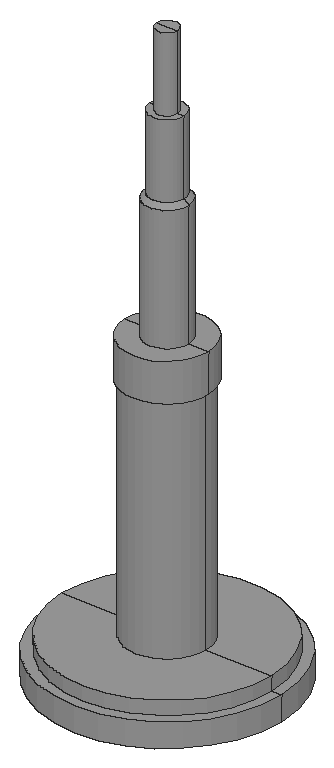
Revit family "Markier- und Spreizwerkzeug E-MSH 10x25", category Generic Models, Revit 2017
Family settings
  Can host rebar = No
  Round Connector Dimension = Use Diameter
  Part Type = Normal
  Work Plane-Based = No
  Always vertical = Yes
  Cut with Voids When Loaded = No
  Shared = No
  Room Calculation Point = No
Parameters (values of type "E-MSH 10x25")
  URL = "http://www.obo-bettermann.com"
  Material = Electrogalvanised
  Manufacturer Art.No. = "3492971"
  Manufacturer = "OBO BETTERMANN"
  GTIN = "4012196709748"
  Article Type = "E-MSH 10x25"
Reference planes
  plane 1 "Center (Front/Back)": y = 0
  plane 2: z = 0
  plane 3 "Center (Left/Right)": x = 0
Forms (mm)
  Revolve 1, solid, material "Electrogalvanised" <- "Material"
    sketch origin (0, 0, 0) x (1, 0, 0) y (0, 0, 1)
      loop
        line (0, 0) -> (7.974, 0) -> (7.974, 15) -> (0, 15) -> (0, 0)
      axis (0, 0) -> (0, 15)
    angle from 0 to 360
  Revolve 2, solid, material "Electrogalvanised" <- "Material"
    sketch origin (0, 0, 0) x (1, 0, 0) y (0, 0, 1)
      loop
        line (0, 15) -> (42.499, 15) -> (42.499, 23.845) -> (0, 23.845) -> (0, 15)
      axis (0, 23.845) -> (0, 15)
    angle from 0 to 360
  Revolve 3, solid, material "Electrogalvanised" <- "Material"
    sketch origin (0, 0, 0) x (1, 0, 0) y (0, 0, 1)
      loop
        line (0, 23.845) -> (38.785, 23.845) -> (38.785, 28.845) -> (0, 28.845) -> (0, 23.845)
      axis (0, 28.845) -> (0, 23.845)
    angle from 0 to 360
  Revolve 4, solid, material "Electrogalvanised" <- "Material"
    sketch origin (0, 0, 0) x (1, 0, 0) y (0, 0, 1)
      loop
        line (0, 28.845) -> (14.457, 28.845) -> (14.457, 113.845) -> (0, 113.845) -> (0, 28.845)
      axis (0, 113.845) -> (0, 28.845)
    angle from 0 to 360
  Revolve 5, solid, material "Electrogalvanised" <- "Material"
    sketch origin (0, 0, 0) x (1, 0, 0) y (0, 0, 1)
      loop
        line (0, 113.845) -> (15.525, 113.845) -> (15.525, 127.877) -> (0, 127.877) -> (0, 113.845)
      axis (0, 127.877) -> (0, 113.845)
    angle from 0 to 360
  Revolve 6, solid, material "Electrogalvanised" <- "Material"
    sketch origin (0, 0, 0) x (1, 0, 0) y (0, 0, 1)
      loop
        line (0, 127.877) -> (7.967, 127.877) -> (7.967, 173.451) -> (0, 173.451) -> (0, 127.877)
      axis (0, 173.451) -> (0, 127.877)
    angle from 0 to 360
  Revolve 7, solid, material "Electrogalvanised" <- "Material"
    sketch origin (0, 0, 0) x (1, 0, 0) y (0, 0, 1)
      loop
        line (0, 173.451) -> (7.967, 173.451) -> (6.306, 175.269) -> (0, 175.269) -> (0, 173.451)
      axis (0, 175.269) -> (0, 173.451)
    angle from 0 to 360
  Revolve 8, solid, material "Electrogalvanised" <- "Material"
    sketch origin (0, 0, 0) x (1, 0, 0) y (0, 0, 1)
      loop
        line (0, 175.269) -> (6.253, 175.269) -> (6.253, 202.534) -> (0, 202.534) -> (0, 175.269)
      axis (0, 202.534) -> (0, 175.269)
    angle from 0 to 360
  Revolve 9, solid, material "Electrogalvanised" <- "Material"
    sketch origin (0, 0, 0) x (1, 0, 0) y (0, 0, 1)
      loop
        line (0, 202.534) -> (3.784, 202.534) -> (3.784, 229.837) -> (0, 229.837) -> (0, 202.534)
      axis (0, 229.837) -> (0, 202.534)
    angle from 0 to 360
Dimensions and locks
  locked: Revolve 1 sketch curve to Revolve 1 sketch curve at 15
  locked: Revolve 1 sketch curve to Revolve 1 sketch curve at 7.974
  locked: Revolve 2 sketch curve to Revolve 2 sketch curve at 42.499
  locked: Revolve 2 sketch curve to Revolve 2 sketch curve at 8.845
  locked: Revolve 3 sketch curve to Revolve 2 at 5
  locked: Revolve 3 sketch curve to Revolve 3 sketch curve at 38.785
  locked: Revolve 4 sketch curve to Revolve 3 at 85
  locked: Revolve 4 sketch curve to Revolve 4 sketch curve at 14.457
  locked: Revolve 5 sketch curve to Revolve 4 at 14.032
  locked: Revolve 5 sketch curve to Revolve 5 sketch curve at 15.525
  locked: Revolve 6 sketch curve to Revolve 5 at 45.574
  locked: Revolve 6 sketch curve to Revolve 6 sketch curve at 7.967
  locked: Revolve 7 sketch curve to Revolve 6 at 1.818
  locked: Revolve 7 sketch curve to Revolve 7 sketch curve at 7.967
  locked: Revolve 7 sketch curve to Revolve 7 sketch curve at 6.306
  locked: Revolve 8 sketch curve to Revolve 7 at 27.266
  locked: Revolve 8 sketch curve to Revolve 8 sketch curve at 6.253
  locked: Revolve 9 sketch curve to Revolve 8 at 27.303
  locked: Revolve 9 sketch curve to Revolve 9 sketch curve at 3.784
  aligned and locked: level to plane 2
  aligned and locked: plane 3 "Center (Left/Right)" to Revolve 1 sketch curve
  aligned and locked: Revolve 2 sketch curve to plane 3 "Center (Left/Right)"
  aligned and locked: Revolve 3 sketch curve to plane 3 "Center (Left/Right)"
  aligned and locked: Revolve 4 sketch curve to plane 3 "Center (Left/Right)"
  aligned and locked: Revolve 5 sketch curve to plane 3 "Center (Left/Right)"
  aligned and locked: Revolve 6 sketch curve to plane 3 "Center (Left/Right)"
  aligned and locked: Revolve 7 sketch curve to plane 3 "Center (Left/Right)"
  aligned and locked: Revolve 7 to Revolve 8 sketch curve
  aligned and locked: Revolve 8 sketch curve to plane 3 "Center (Left/Right)"
  aligned and locked: Revolve 9 sketch curve to plane 3 "Center (Left/Right)"
